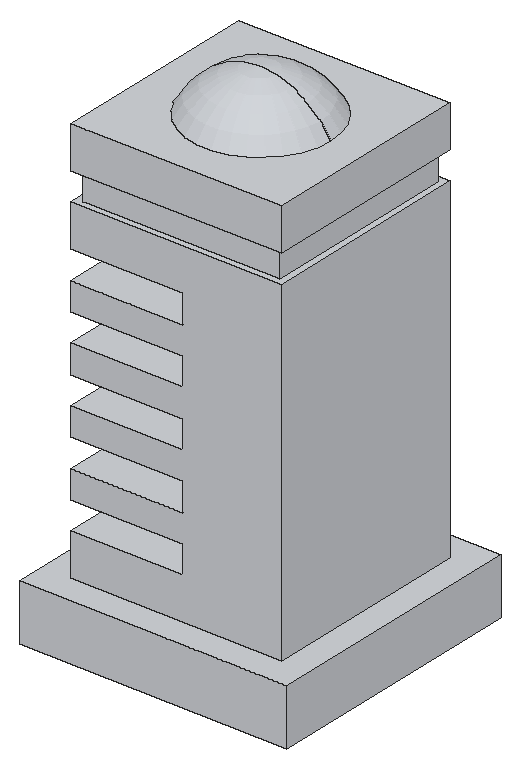
Revit family
Parameters (values of type "SBSP-010.5")
  Width = 2' - 1"
  URL = "www.strombergarchitectural.com"
  Top Material = GFRC
  Submittal Sheet = "www.strombergarchitectural.com/images/materials/gfrc/submittal/gfrc-submittal-sheet.pdf"
  Specifications = "www.strombergarchitectural.com/gfrcspecifications"
  Model Cut-sheet = "www.strombergarchitectural.com/products/bollards/design/SBSP-010"
  Model = "SBSP-010"
  Manufacturer = "Stromberg Architectural Products"
  Guidebook = "www.strombergarchitectural.com/images/materials/gfrc/handbooks/gfrc_guidebook.pdf"
  Frame Material = none
  Description = "GFRC Bollard"
  Assembly Code = ""
  Height = 4' - 0"
  XXX.5 = yes
  XXX.4 = no
  XXX.3 = no
  XXX.2 = no
  XXX.1 = no
Types (6): name | Width | Guidebook | Height | XXX.5 | XXX.4 | XXX.3 | XXX.2 | XXX.1
  (no name) | 2' - 1" | "www.strombergarchitectural.com/images/materials/gfrc/handbooks/gfrc_guidebook.pdf" | 4' - 0" | yes | no | no | no | no
  SBSP-010.3 | 1' - 7" | "www.strombergarchitectural.com/images/materials/gfrc/handbooks/gfrc_guidebook.pdf" | 3' - 0" | no | no | yes | no | no
  SBSP-010.1 | 1' - 1" | "www.strombergarchitectural.com/images/materials/gfrc/handbooks/gfrc_guidebook.pdf   \r\n(http://www.strombergarchitectural.com/images/materials/gfrc/handbooks/gfrc_guidebook.pdf" | 2' - 0" | no | no | no | no | yes
  SBSP-010.2 | 1' - 4" | "www.strombergarchitectural.com/images/materials/gfrc/handbooks/gfrc_guidebook.pdf" | 2' - 6" | no | no | no | yes | no
  SBSP-010.4 | 1' - 10" | "www.strombergarchitectural.com/images/materials/gfrc/handbooks/gfrc_guidebook.pdf" | 3' - 6" | no | yes | no | no | no
  SBSP-010.5 | 2' - 1" | "www.strombergarchitectural.com/images/materials/gfrc/handbooks/gfrc_guidebook.pdf" | 4' - 0" | yes | no | no | no | no
Reference planes (in)
  plane 1 "Center (Front/Back)": y = 3.74847
  plane 2: z = 0
  plane 3 "Center (Left/Right)": x = 0.7278
  plane 4 "Left": x = -17.2722
  plane 5 "Right": x = 18.7278
  plane 6: x = -9.2722
  plane 7: x = 10.7278
  plane 8: y = 13.74847
  plane 9: y = -6.25153
  plane 10: x = 1.39447
  plane 11: z = 9.33333
  plane 12: through (-11.93887, -8.9182, 48) normal (-0.7071, 0.7071, 0)
  plane 13: y = 4.41513
Forms (in)
  Extrusion 1, solid, visible <- "XXX.1"
    sketch origin (0, 0, 0) x (1, 0, 0) y (0, 1, 0)
      loop
        line (-5.60553, -2.58487) -> (7.06113, -2.58487) -> (7.06113, 10.0818) -> (-5.60553, 10.0818) -> (-5.60553, -2.58487)
    from 0 to 2.66667
  Extrusion 2, solid, visible <- "XXX.1"
    sketch origin (7.06113, -48, 2.66667) x (0, -1, 0) y (-1, 0, 0)
      loop
        line (-56.74847, 11.33333) -> (-56.74847, 1.33333) -> (-46.74847, 1.33333) -> (-46.74847, 11.33333) -> (-56.74847, 11.33333)
    from -2 to 0
  Extrusion 3, solid, visible <- "XXX.1"
    sketch origin (7.06113, -48, 5.33333) x (0, -1, 0) y (-1, 0, 0)
      loop
        line (-56.74847, 11.33333) -> (-56.74847, 1.33333) -> (-46.74847, 1.33333) -> (-46.74847, 11.33333) -> (-56.74847, 11.33333)
    from -2 to -0.66667
  Extrusion 4, solid, visible <- "XXX.1"
    sketch origin (7.06113, -48, 8) x (0, -1, 0) y (-1, 0, 0)
      loop
        line (-56.74847, 11.33333) -> (-56.74847, 1.33333) -> (-46.74847, 1.33333) -> (-46.74847, 11.33333) -> (-56.74847, 11.33333)
    from -2 to -0.66667
  Extrusion 5, solid, visible <- "XXX.1"
    sketch origin (7.06113, -48, 10.66667) x (0, -1, 0) y (-1, 0, 0)
      loop
        line (-56.74847, 11.33333) -> (-56.74847, 1.33333) -> (-46.74847, 1.33333) -> (-46.74847, 11.33333) -> (-56.74847, 11.33333)
    from -2 to -0.66667
  Extrusion 6, solid, visible <- "XXX.1"
    sketch origin (7.06113, -48, 13.33333) x (0, -1, 0) y (-1, 0, 0)
      loop
        line (-56.74847, 11.33333) -> (-56.74847, 1.33333) -> (-46.74847, 1.33333) -> (-46.74847, 11.33333) -> (-56.74847, 11.33333)
    from -2 to -0.66667
  Extrusion 7, solid, visible <- "XXX.1"
    sketch origin (7.06113, -48, 16.66667) x (0, -1, 0) y (-1, 0, 0)
      loop
        line (-56.74847, 11.33333) -> (-56.74847, 1.33333) -> (-46.74847, 1.33333) -> (-46.74847, 11.33333) -> (-56.74847, 11.33333)
    from -2 to 0
  Extrusion 8, solid, visible <- "XXX.1"
    sketch origin (5.7278, -48, 4.66667) x (0, -1, 0) y (-1, 0, 0)
      loop
        line (-56.74847, 10) -> (-56.74847, 0) -> (-46.74847, 0) -> (-46.74847, 4.66667) -> (-52.0818, 4.66667) -> (-52.0818, 10) -> (-56.74847, 10)
    from -1.33333 to 0
  Extrusion 9, solid, visible <- "XXX.1"
    sketch origin (5.7278, -48, 7.33333) x (0, -1, 0) y (-1, 0, 0)
      loop
        line (-56.74847, 10) -> (-56.74847, 0) -> (-46.74847, 0) -> (-46.74847, 4.66667) -> (-52.0818, 4.66667) -> (-52.0818, 10) -> (-56.74847, 10)
    from -1.33333 to 0
  Extrusion 10, solid, visible <- "XXX.1"
    sketch origin (5.7278, -48, 10) x (0, -1, 0) y (-1, 0, 0)
      loop
        line (-56.74847, 10) -> (-56.74847, 0) -> (-46.74847, 0) -> (-46.74847, 4.66667) -> (-52.0818, 4.66667) -> (-52.0818, 10) -> (-56.74847, 10)
    from -1.33333 to 0
  Extrusion 11, solid, visible <- "XXX.1"
    sketch origin (5.7278, -48, 12.66667) x (0, -1, 0) y (-1, 0, 0)
      loop
        line (-56.74847, 10) -> (-56.74847, 0) -> (-46.74847, 0) -> (-46.74847, 4.66667) -> (-52.0818, 4.66667) -> (-52.0818, 10) -> (-56.74847, 10)
    from -1.33333 to 0
  Extrusion 12, solid, visible <- "XXX.1"
    sketch origin (5.7278, -48, 15.33333) x (0, -1, 0) y (-1, 0, 0)
      loop
        line (-56.74847, 10) -> (-56.74847, 0) -> (-46.74847, 0) -> (-46.74847, 4.66667) -> (-52.0818, 4.66667) -> (-52.0818, 10) -> (-56.74847, 10)
    from -1.33333 to 0
  Extrusion 13, solid, visible <- "XXX.1"
    sketch origin (5.7278, -48, 18.66667) x (0, -1, 0) y (-1, 0, 0)
      loop
        line (-56.41513, 9.66667) -> (-56.41513, 0.33333) -> (-47.0818, 0.33333) -> (-47.0818, 9.66667) -> (-56.41513, 9.66667)
    from -1.33333 to 0
  Extrusion 14, solid, visible <- "XXX.1"
    sketch origin (7.06113, -48, 20) x (0, -1, 0) y (-1, 0, 0)
      loop
        line (-56.74847, 11.33333) -> (-56.74847, 1.33333) -> (-46.74847, 1.33333) -> (-46.74847, 11.33333) -> (-56.74847, 11.33333)
    from -2 to 0.08333
  Revolve 15, solid, visible <- "XXX.1"
    sketch origin (0, 3.74847, 0) x (1, 0, 0) y (0, 0, 1)
      loop
        arc (0.7278, 24) -> (-1.21585, 23.46164) -> (-2.60553, 22) r 3.77778
        line (-2.60553, 22) -> (0.7278, 22) -> (0.7278, 24)
      axis (0.7278, 24) -> (0.7278, 22)
    angle from 0 to 360
  Extrusion 16, solid, visible <- "XXX.2"
    sketch origin (0, 0, 0) x (1, 0, 0) y (0, 1, 0)
      loop
        line (-7.18887, 11.66513) -> (-7.18887, -4.10637) -> (8.58264, -4.10637) -> (8.58264, 11.66513) -> (-7.18887, 11.66513)
    from 0 to 3.33333
  Extrusion 17, solid, visible <- "XXX.2"
    sketch origin (8.58264, -48, 3.33333) x (0, -1, 0) y (-1, 0, 0)
      loop
        line (-57.96755, 14.10484) -> (-57.96755, 1.60484) -> (-45.46755, 1.60484) -> (-45.46755, 14.10484) -> (-57.96755, 14.10484)
    from -2.5 to 0
  Extrusion 18, solid, visible <- "XXX.2"
    sketch origin (8.58264, -48, 6.66667) x (0, -1, 0) y (-1, 0, 0)
      loop
        line (-57.96755, 14.10484) -> (-57.96755, 1.60484) -> (-45.46755, 1.60484) -> (-45.46755, 14.10484) -> (-57.96755, 14.10484)
    from -2.5 to -0.83333
  Extrusion 19, solid, visible <- "XXX.2"
    sketch origin (8.58264, -48, 10) x (0, -1, 0) y (-1, 0, 0)
      loop
        line (-57.96755, 14.10484) -> (-57.96755, 1.60484) -> (-45.46755, 1.60484) -> (-45.46755, 14.10484) -> (-57.96755, 14.10484)
    from -2.5 to -0.83333
  Extrusion 20, solid, visible <- "XXX.2"
    sketch origin (8.58264, -48, 13.33333) x (0, -1, 0) y (-1, 0, 0)
      loop
        line (-57.96755, 14.10484) -> (-57.96755, 1.60484) -> (-45.46755, 1.60484) -> (-45.46755, 14.10484) -> (-57.96755, 14.10484)
    from -2.5 to -0.83333
  Extrusion 21, solid, visible <- "XXX.2"
    sketch origin (8.58264, -48, 16.66667) x (0, -1, 0) y (-1, 0, 0)
      loop
        line (-57.96755, 14.10484) -> (-57.96755, 1.60484) -> (-45.46755, 1.60484) -> (-45.46755, 14.10484) -> (-57.96755, 14.10484)
    from -2.5 to -0.83333
  Extrusion 22, solid, visible <- "XXX.2"
    sketch origin (8.58264, -48, 20.83333) x (0, -1, 0) y (-1, 0, 0)
      loop
        line (-57.96755, 14.10484) -> (-57.96755, 1.60484) -> (-45.46755, 1.60484) -> (-45.46755, 14.10484) -> (-57.96755, 14.10484)
    from -2.5 to 0
  Extrusion 23, solid, visible <- "XXX.2"
    sketch origin (8.58264, -48, 25) x (0, -1, 0) y (-1, 0, 0)
      loop
        line (-57.96755, 14.10484) -> (-57.96755, 1.60484) -> (-45.46755, 1.60484) -> (-45.46755, 14.10484) -> (-57.96755, 14.10484)
    from -2.5 to 0
  Revolve 24, solid, visible <- "XXX.2"
    sketch origin (0, 3.74847, 0) x (1, 0, 0) y (0, 0, 1)
      loop
        arc (0.7278, 30) -> (-1.70176, 29.32705) -> (-3.43887, 27.5) r 4.72222
        line (-3.43887, 27.5) -> (0.7278, 27.5) -> (0.7278, 30)
      axis (0.7278, 30) -> (0.7278, 27.5)
    angle from 0 to 360
  Extrusion 25, solid, visible <- "XXX.2"
    sketch origin (6.9778, -48, 5.83333) x (0, -1, 0) y (-1, 0, 0)
      loop
        line (-57.96755, 12.5) -> (-57.96755, 0) -> (-45.46755, 0) -> (-45.46755, 5.83333) -> (-52.22696, 5.83333) -> (-52.22696, 12.5) -> (-57.96755, 12.5)
    from -1.66667 to 0
  Extrusion 26, solid, visible <- "XXX.2"
    sketch origin (6.9778, -48, 9.16667) x (0, -1, 0) y (-1, 0, 0)
      loop
        line (-57.96755, 12.5) -> (-57.96755, 0) -> (-45.46755, 0) -> (-45.46755, 5.83333) -> (-52.22696, 5.83333) -> (-52.22696, 12.5) -> (-57.96755, 12.5)
    from -1.66667 to 0
  Extrusion 27, solid, visible <- "XXX.2"
    sketch origin (6.9778, -48, 12.5) x (0, -1, 0) y (-1, 0, 0)
      loop
        line (-57.96755, 12.5) -> (-57.96755, 0) -> (-45.46755, 0) -> (-45.46755, 5.83333) -> (-52.22696, 5.83333) -> (-52.22696, 12.5) -> (-57.96755, 12.5)
    from -1.66667 to 0
  Extrusion 28, solid, visible <- "XXX.2"
    sketch origin (6.9778, -48, 15.83333) x (0, -1, 0) y (-1, 0, 0)
      loop
        line (-57.96755, 12.5) -> (-57.96755, 0) -> (-45.46755, 0) -> (-45.46755, 5.83333) -> (-52.22696, 5.83333) -> (-52.22696, 12.5) -> (-57.96755, 12.5)
    from -1.66667 to 0
  Extrusion 29, solid, visible <- "XXX.2"
    sketch origin (6.9778, -48, 19.16667) x (0, -1, 0) y (-1, 0, 0)
      loop
        line (-57.96755, 12.5) -> (-57.96755, 0) -> (-45.46755, 0) -> (-45.46755, 5.83333) -> (-52.22696, 5.83333) -> (-52.22696, 12.5) -> (-57.96755, 12.5)
    from -1.66667 to 0
  Extrusion 30, solid, visible <- "XXX.2"
    sketch origin (6.9778, -48, 23.33333) x (0, -1, 0) y (-1, 0, 0)
      loop
        line (-57.5818, 12.08333) -> (-57.5818, 0.41667) -> (-45.91513, 0.41667) -> (-45.91513, 12.08333) -> (-57.5818, 12.08333)
    from -1.66667 to 0
  Extrusion 31, solid, visible <- "XXX.3"
    sketch origin (0, 0, 0) x (1, 0, 0) y (0, 1, 0)
      loop
        line (-8.7722, 13.24847) -> (-8.7722, -5.75153) -> (10.2278, -5.75153) -> (10.2278, 13.24847) -> (-8.7722, 13.24847)
    from 0 to 4
  Extrusion 32, solid, visible <- "XXX.3"
    sketch origin (10.2278, -48, 4) x (0, -1, 0) y (-1, 0, 0)
      loop
        line (-59.24847, 17) -> (-59.24847, 2) -> (-44.24847, 2) -> (-44.24847, 17) -> (-59.24847, 17)
    from -3 to 0
  Extrusion 33, solid, visible <- "XXX.3"
    sketch origin (10.2278, -48, 8) x (0, -1, 0) y (-1, 0, 0)
      loop
        line (-59.24847, 17) -> (-59.24847, 2) -> (-44.24847, 2) -> (-44.24847, 17) -> (-59.24847, 17)
    from -3 to -1
  Extrusion 34, solid, visible <- "XXX.3"
    sketch origin (10.2278, -48, 12) x (0, -1, 0) y (-1, 0, 0)
      loop
        line (-59.24847, 17) -> (-59.24847, 2) -> (-44.24847, 2) -> (-44.24847, 17) -> (-59.24847, 17)
    from -3 to -1
  Extrusion 35, solid, visible <- "XXX.3"
    sketch origin (10.2278, -48, 16) x (0, -1, 0) y (-1, 0, 0)
      loop
        line (-59.24847, 17) -> (-59.24847, 2) -> (-44.24847, 2) -> (-44.24847, 17) -> (-59.24847, 17)
    from -3 to -1
  Extrusion 36, solid, visible <- "XXX.3"
    sketch origin (10.2278, -48, 20) x (0, -1, 0) y (-1, 0, 0)
      loop
        line (-59.24847, 17) -> (-59.24847, 2) -> (-44.24847, 2) -> (-44.24847, 17) -> (-59.24847, 17)
    from -3 to -1
  Extrusion 37, solid, visible <- "XXX.3"
    sketch origin (10.2278, -48, 25) x (0, -1, 0) y (-1, 0, 0)
      loop
        line (-59.24847, 17) -> (-59.24847, 2) -> (-44.24847, 2) -> (-44.24847, 17) -> (-59.24847, 17)
    from -3 to 0
  Extrusion 38, solid, visible <- "XXX.3"
    sketch origin (10.2278, -48, 30) x (0, -1, 0) y (-1, 0, 0)
      loop
        line (-59.24847, 17) -> (-59.24847, 2) -> (-44.24847, 2) -> (-44.24847, 17) -> (-59.24847, 17)
    from -3 to 0
  Revolve 39, solid, visible <- "XXX.3"
    sketch origin (0, 3.74847, 0) x (1, 0, 0) y (0, 0, 1)
      loop
        arc (0.7278, 36) -> (-2.18768, 35.19246) -> (-4.2722, 33) r 5.66667
        line (-4.2722, 33) -> (0.7278, 33) -> (0.7278, 36)
      axis (0.7278, 36) -> (0.7278, 33)
    angle from 0 to 360
  Extrusion 40, solid, visible <- "XXX.3"
    sketch origin (8.2278, -48, 7) x (0, -1, 0) y (-1, 0, 0)
      loop
        line (-59.24847, 15) -> (-59.24847, 0) -> (-44.24847, 0) -> (-44.24847, 7) -> (-52.24847, 7) -> (-52.24847, 15) -> (-59.24847, 15)
    from -2 to 0
  Extrusion 41, solid, visible <- "XXX.3"
    sketch origin (8.2278, -48, 11) x (0, -1, 0) y (-1, 0, 0)
      loop
        line (-59.24847, 15) -> (-59.24847, 0) -> (-44.24847, 0) -> (-44.24847, 7) -> (-52.24847, 7) -> (-52.24847, 15) -> (-59.24847, 15)
    from -2 to 0
  Extrusion 42, solid, visible <- "XXX.3"
    sketch origin (8.2278, -48, 15) x (0, -1, 0) y (-1, 0, 0)
      loop
        line (-59.24847, 15) -> (-59.24847, 0) -> (-44.24847, 0) -> (-44.24847, 7) -> (-52.24847, 7) -> (-52.24847, 15) -> (-59.24847, 15)
    from -2 to 0
  Extrusion 43, solid, visible <- "XXX.3"
    sketch origin (8.2278, -48, 19) x (0, -1, 0) y (-1, 0, 0)
      loop
        line (-59.24847, 15) -> (-59.24847, 0) -> (-44.24847, 0) -> (-44.24847, 7) -> (-52.24847, 7) -> (-52.24847, 15) -> (-59.24847, 15)
    from -2 to 0
  Extrusion 44, solid, visible <- "XXX.3"
    sketch origin (8.2278, -48, 23) x (0, -1, 0) y (-1, 0, 0)
      loop
        line (-59.24847, 15) -> (-59.24847, 0) -> (-44.24847, 0) -> (-44.24847, 7) -> (-52.24847, 7) -> (-52.24847, 15) -> (-59.24847, 15)
    from -2 to 0
  Extrusion 45, solid, visible <- "XXX.3"
    sketch origin (10.2278, -48, 27) x (0, -1, 0) y (-1, 0, 0)
      loop
        line (-58.74847, 16.5) -> (-58.74847, 3) -> (-44.74847, 3) -> (-44.74847, 16.5) -> (-58.74847, 16.5)
    from -3 to -1
  Extrusion 46, solid, visible <- "XXX.4"
    sketch origin (0, 0, 0) x (1, 0, 0) y (0, 1, 0)
      loop
        line (-10.3936, 14.86987) -> (-10.3936, -7.37294) -> (11.8492, -7.37294) -> (11.8492, 14.86987) -> (-10.3936, 14.86987)
    from 0 to 4.66667
  Extrusion 47, solid, visible <- "XXX.4"
    sketch origin (11.8492, -48, 4.66667) x (0, -1, 0) y (-1, 0, 0)
      loop
        line (-60.53654, 19.90947) -> (-60.53654, 2.33333) -> (-42.9604, 2.33333) -> (-42.9604, 19.90947) -> (-60.53654, 19.90947)
    from -3.5 to 0
  Extrusion 48, solid, visible <- "XXX.4"
    sketch origin (11.8492, -48, 9.33333) x (0, -1, 0) y (-1, 0, 0)
      loop
        line (-60.53654, 19.90947) -> (-60.53654, 2.33333) -> (-42.9604, 2.33333) -> (-42.9604, 19.90947) -> (-60.53654, 19.90947)
    from -3.5 to -1.16667
  Extrusion 49, solid, visible <- "XXX.4"
    sketch origin (11.8492, -48, 14) x (0, -1, 0) y (-1, 0, 0)
      loop
        line (-60.53654, 19.90947) -> (-60.53654, 2.33333) -> (-42.9604, 2.33333) -> (-42.9604, 19.90947) -> (-60.53654, 19.90947)
    from -3.5 to -1.16667
  Extrusion 50, solid, visible <- "XXX.4"
    sketch origin (11.8492, -48, 18.66667) x (0, -1, 0) y (-1, 0, 0)
      loop
        line (-60.53654, 19.90947) -> (-60.53654, 2.33333) -> (-42.9604, 2.33333) -> (-42.9604, 19.90947) -> (-60.53654, 19.90947)
    from -3.5 to -1.16667
  Extrusion 51, solid, visible <- "XXX.4"
    sketch origin (11.8492, -48, 23.33333) x (0, -1, 0) y (-1, 0, 0)
      loop
        line (-60.53654, 19.90947) -> (-60.53654, 2.33333) -> (-42.9604, 2.33333) -> (-42.9604, 19.90947) -> (-60.53654, 19.90947)
    from -3.5 to -1.16667
  Extrusion 52, solid, visible <- "XXX.4"
    sketch origin (11.8492, -48, 29.16667) x (0, -1, 0) y (-1, 0, 0)
      loop
        line (-60.53654, 19.90947) -> (-60.53654, 2.33333) -> (-42.9604, 2.33333) -> (-42.9604, 19.90947) -> (-60.53654, 19.90947)
    from -3.5 to 0
  Extrusion 53, solid, visible <- "XXX.4"
    sketch origin (11.8492, -48, 35) x (0, -1, 0) y (-1, 0, 0)
      loop
        line (-60.53654, 19.90947) -> (-60.53654, 2.33333) -> (-42.9604, 2.33333) -> (-42.9604, 19.90947) -> (-60.53654, 19.90947)
    from -3.5 to 0
  Extrusion 54, solid, visible <- "XXX.4"
    sketch origin (11.8492, -48, 31.5) x (0, -1, 0) y (-1, 0, 0)
      loop
        line (-59.94279, 19.32614) -> (-59.94279, 2.99281) -> (-43.55415, 2.99281) -> (-43.55415, 19.32614) -> (-59.94279, 19.32614)
    from -3.5 to -1.16667
  Revolve 55, solid, visible <- "XXX.4"
    sketch origin (0, 3.74847, 0) x (1, 0, 0) y (0, 0, 1)
      loop
        arc (0.7278, 41.99989) -> (-2.69532, 41.06764) -> (-5.1436, 38.5) r 6.61111
        line (-5.1436, 38.5) -> (0.7278, 38.5) -> (0.7278, 41.99989)
      axis (0.7278, 41.99989) -> (0.7278, 38.5)
    angle from 0 to 360
  Extrusion 56, solid, visible <- "XXX.4"
    sketch origin (9.51587, -48, 8.16667) x (0, -1, 0) y (-1, 0, 0)
      loop
        line (-60.53654, 17.57614) -> (-60.53654, 0) -> (-42.9604, 0) -> (-42.9604, 8.24281) -> (-52.29373, 8.24281) -> (-52.29373, 17.57614) -> (-60.53654, 17.57614)
    from -2.33333 to 0
  Extrusion 57, solid, visible <- "XXX.4"
    sketch origin (9.51587, -48, 12.83333) x (0, -1, 0) y (-1, 0, 0)
      loop
        line (-60.53654, 17.57614) -> (-60.53654, 0) -> (-42.9604, 0) -> (-42.9604, 8.24281) -> (-52.29373, 8.24281) -> (-52.29373, 17.57614) -> (-60.53654, 17.57614)
    from -2.33333 to 0
  Extrusion 58, solid, visible <- "XXX.4"
    sketch origin (9.51587, -48, 17.5) x (0, -1, 0) y (-1, 0, 0)
      loop
        line (-60.53654, 17.57614) -> (-60.53654, 0) -> (-42.9604, 0) -> (-42.9604, 8.24281) -> (-52.29373, 8.24281) -> (-52.29373, 17.57614) -> (-60.53654, 17.57614)
    from -2.33333 to 0
  Extrusion 59, solid, visible <- "XXX.4"
    sketch origin (9.51587, -48, 22.16667) x (0, -1, 0) y (-1, 0, 0)
      loop
        line (-60.53654, 17.57614) -> (-60.53654, 0) -> (-42.9604, 0) -> (-42.9604, 8.24281) -> (-52.29373, 8.24281) -> (-52.29373, 17.57614) -> (-60.53654, 17.57614)
    from -2.33333 to 0
  Extrusion 60, solid, visible <- "XXX.4"
    sketch origin (9.51587, -48, 26.83333) x (0, -1, 0) y (-1, 0, 0)
      loop
        line (-60.53654, 17.57614) -> (-60.53654, 0) -> (-42.9604, 0) -> (-42.9604, 8.24281) -> (-52.29373, 8.24281) -> (-52.29373, 17.57614) -> (-60.53654, 17.57614)
    from -2.33333 to 0
  Extrusion 61, solid, visible <- "XXX.5"
    sketch origin (0, 0, 0) x (1, 0, 0) y (0, 1, 0)
      loop
        line (-11.93887, 16.41513) -> (-11.93887, -8.9182) -> (13.39447, -8.9182) -> (13.39447, 16.41513) -> (-11.93887, 16.41513)
    from 0 to 5.33333
  Extrusion 62, solid, visible <- "XXX.5"
    sketch origin (13.39447, -48, 5.33333) x (0, -1, 0) y (-1, 0, 0)
      loop
        line (-61.74847, 22.66667) -> (-61.74847, 2.66667) -> (-41.74847, 2.66667) -> (-41.74847, 22.66667) -> (-61.74847, 22.66667)
    from -4 to 0
  Extrusion 63, solid, visible <- "XXX.5"
    sketch origin (13.39447, -48, 10.66667) x (0, -1, 0) y (-1, 0, 0)
      loop
        line (-61.74847, 22.66667) -> (-61.74847, 2.66667) -> (-41.74847, 2.66667) -> (-41.74847, 22.66667) -> (-61.74847, 22.66667)
    from -4 to -1.33333
  Extrusion 64, solid, visible <- "XXX.5"
    sketch origin (13.39447, -48, 16) x (0, -1, 0) y (-1, 0, 0)
      loop
        line (-61.74847, 22.66667) -> (-61.74847, 2.66667) -> (-41.74847, 2.66667) -> (-41.74847, 22.66667) -> (-61.74847, 22.66667)
    from -4 to -1.33333
  Extrusion 65, solid, visible <- "XXX.5"
    sketch origin (13.39447, -48, 21.33333) x (0, -1, 0) y (-1, 0, 0)
      loop
        line (-61.74847, 22.66667) -> (-61.74847, 2.66667) -> (-41.74847, 2.66667) -> (-41.74847, 22.66667) -> (-61.74847, 22.66667)
    from -4 to -1.33333
  Extrusion 66, solid, visible <- "XXX.5"
    sketch origin (13.39447, -48, 26.66667) x (0, -1, 0) y (-1, 0, 0)
      loop
        line (-61.74847, 22.66667) -> (-61.74847, 2.66667) -> (-41.74847, 2.66667) -> (-41.74847, 22.66667) -> (-61.74847, 22.66667)
    from -4 to -1.33333
  Extrusion 67, solid, visible <- "XXX.5"
    sketch origin (13.39447, -48, 33.33333) x (0, -1, 0) y (-1, 0, 0)
      loop
        line (-61.74847, 22.66667) -> (-61.74847, 2.66667) -> (-41.74847, 2.66667) -> (-41.74847, 22.66667) -> (-61.74847, 22.66667)
    from -4 to 0
  Extrusion 68, solid, visible <- "XXX.5"
    sketch origin (13.39447, -48, 40) x (0, -1, 0) y (-1, 0, 0)
      loop
        line (-61.74847, 22.66667) -> (-61.74847, 2.66667) -> (-41.74847, 2.66667) -> (-41.74847, 22.66667) -> (-61.74847, 22.66667)
    from -4 to 0
  Extrusion 69, solid, visible <- "XXX.5"
    sketch origin (13.39447, -48, 37.33333) x (0, -1, 0) y (-1, 0, 0)
      loop
        line (-61.09222, 22) -> (-61.09222, 3.33333) -> (-42.40472, 3.33333) -> (-42.40472, 22) -> (-61.09222, 22)
    from -2.66667 to 0
  Revolve 70, solid, visible <- "XXX.5"
    sketch origin (0, 3.74847, 0) x (1, 0, 0) y (0, 0, 1)
      loop
        arc (0.7278, 48) -> (-3.13185, 46.8772) -> (-5.93887, 44) r 7.8973
        line (-5.93887, 44) -> (0.7278, 44) -> (0.7278, 48)
      axis (0.7278, 48) -> (0.7278, 44)
    angle from 0 to 360
  Extrusion 71, solid, visible <- "XXX.5"
    sketch origin (10.7278, -48, 9.33333) x (0, -1, 0) y (-1, 0, 0)
      loop
        line (-61.74847, 20) -> (-61.74847, 0) -> (-41.74847, 0) -> (-41.74847, 9.33333) -> (-52.41513, 9.33333) -> (-52.41513, 20) -> (-61.74847, 20)
    from -2.66667 to 0
  Extrusion 72, solid, visible <- "XXX.5"
    sketch origin (10.7278, -48, 14.66667) x (0, -1, 0) y (-1, 0, 0)
      loop
        line (-61.74847, 20) -> (-61.74847, 0) -> (-41.74847, 0) -> (-41.74847, 9.33333) -> (-52.41513, 9.33333) -> (-52.41513, 20) -> (-61.74847, 20)
    from -2.66667 to 0
  Extrusion 73, solid, visible <- "XXX.5"
    sketch origin (10.7278, -48, 20) x (0, -1, 0) y (-1, 0, 0)
      loop
        line (-61.74847, 20) -> (-61.74847, 0) -> (-41.74847, 0) -> (-41.74847, 9.33333) -> (-52.41513, 9.33333) -> (-52.41513, 20) -> (-61.74847, 20)
    from -2.66667 to 0
  Extrusion 74, solid, visible <- "XXX.5"
    sketch origin (10.7278, -48, 25.33333) x (0, -1, 0) y (-1, 0, 0)
      loop
        line (-61.74847, 20) -> (-61.74847, 0) -> (-41.74847, 0) -> (-41.74847, 9.33333) -> (-52.41513, 9.33333) -> (-52.41513, 20) -> (-61.74847, 20)
    from -2.66667 to 0
  Extrusion 75, solid, visible <- "XXX.5"
    sketch origin (10.7278, -48, 30.66667) x (0, -1, 0) y (-1, 0, 0)
      loop
        line (-61.74847, 20) -> (-61.74847, 0) -> (-41.74847, 0) -> (-41.74847, 9.33333) -> (-52.41513, 9.33333) -> (-52.41513, 20) -> (-61.74847, 20)
    from -2.66667 to 0
Cuts and joins
  joined: Extrusion 1, Extrusion 2, Extrusion 3, Extrusion 4, Extrusion 5, Extrusion 6, Extrusion 7, Extrusion 8, Extrusion 9, Extrusion 10, Extrusion 11, Extrusion 12, Extrusion 13, Extrusion 14, Revolve 15
  joined: Extrusion 16, Extrusion 17, Extrusion 18, Extrusion 19, Extrusion 20, Extrusion 21, Extrusion 22, Extrusion 23, Revolve 24, Extrusion 25, Extrusion 26, Extrusion 27, Extrusion 28, Extrusion 29, Extrusion 30
  joined: Extrusion 31, Extrusion 32, Extrusion 33, Extrusion 34, Extrusion 35, Extrusion 36, Extrusion 37, Extrusion 38, Revolve 39, Extrusion 40, Extrusion 41, Extrusion 42, Extrusion 43, Extrusion 44, Extrusion 45
  joined: Extrusion 46, Extrusion 47, Extrusion 48, Extrusion 49, Extrusion 50, Extrusion 51, Extrusion 52, Extrusion 53, Extrusion 54, Revolve 55, Extrusion 56, Extrusion 57, Extrusion 58, Extrusion 59, Extrusion 60
  joined: Extrusion 61, Extrusion 62, Extrusion 63, Extrusion 64, Extrusion 65, Extrusion 66, Extrusion 67, Extrusion 68, Extrusion 69, Revolve 70, Extrusion 71, Extrusion 72, Extrusion 73, Extrusion 74, Extrusion 75
Dimensions and locks (in)
  aligned and locked: level to plane 2
